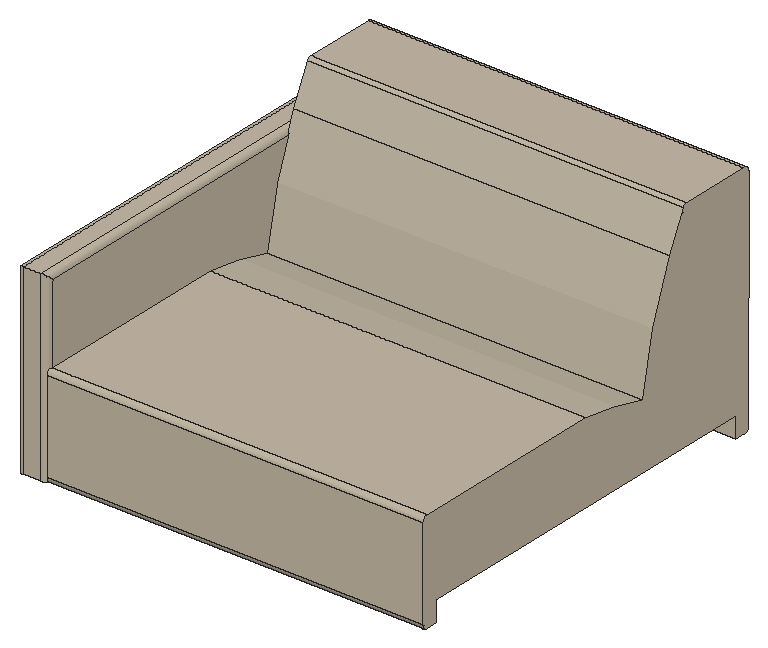
Revit family "FU_Modular_Sandler_Escala_ESC0265TA", category Furniture, Revit 2020
Family settings
  OmniClass Number = 23.40.20.00
  OmniClass Title = General Furniture and Specialties
  Work Plane-Based = No
  Always vertical = Yes
  Cut with Voids When Loaded = No
  Shared = No
  Room Calculation Point = No
Parameters (values of type "Escalas 0265TA")
  Width = 800 mm  # constant formula
  Upholstery [instance] = Fabric - Mainline Flax - Upminster MLF20
  URL = "https://www.sandlerseating.com/product/esc0265ta/"
  Seat Height = 420 mm  # constant formula
  Seat Elevation = 220 mm  # constant formula
  Model = "Escalas 0265TA"
  Manufacturer = "Sandler"
  Height = 690 mm  # constant formula
  Description = "Upholstered right 80 cm seat with backrest and low arm.\r\n\r\n47cm x 80cm x 80cm (measurement without base)"
  Depth = 800 mm  # constant formula
  Default Elevation = 0 mm
Reference planes
  plane 1 "Center (Front/Back)": y = 0
  plane 2: z = 0
  plane 3 "Center (Left/Right)": x = 0
  plane 4 "Right": x = -400
  plane 5 "Left": x = 400
  plane 6 "Front": y = -400
  plane 7 "Back": y = 400
  plane 8 "Elevation": z = 220
  plane 9 "Height": z = 690
  plane 10 "Seat height": z = 420
  plane 11: x = -340
  plane 12: x = 340
  plane 13 "Arm Height": z = 586
Forms (mm)
  Sweep 1, solid, material "Fabric - Mainline Flax - Upminster MLF20" <- "Upholstery"
    path origin (0, 0, 220) x (-1, 0, 0) y (0, -1, 0)
      loop
        line (340, -400) -> (-400, -400)
    profile "Pro_Escalas_Seat_Shape : Pro_Escalas_Seat_Shape" origin (30, 400, 220) x (0, 1, 0) y (0, 0, 1)
      loop
        line (-790, 0) -> (-10, 0)
        arc (-10, 0) -> (-2.929, 2.929) -> (0, 10) r 10
        line (0, 10) -> (0, 460)
        arc (0, 460) -> (-2.929, 467.071) -> (-10, 470) r 10
        line (-10, 470) -> (-150.689, 470)
        arc (-150.689, 470) -> (-156.062, 468.434) -> (-159.752, 464.226) r 10
        line (-159.752, 464.226) -> (-192.518, 393.96)
        arc (-192.518, 393.96) -> (-234.317, 284.408) -> (-260, 170) r 816.842
        arc (-260, 170) -> (-329.19, 188.78) -> (-400, 200) r 664.836
        line (-400, 200) -> (-790, 200)
        arc (-790, 200) -> (-797.071, 197.071) -> (-800, 190) r 10
        line (-800, 190) -> (-800, 10)
        arc (-800, 10) -> (-797.071, 2.929) -> (-790, 0) r 10
  Extrusion 2, void
    sketch origin (0, 0, 0) x (0, 1, 0) y (0, 0, 1)
      loop
        line (-370, 220) -> (370, 220) -> (370, 261) -> (-370, 261) -> (-370, 220)
    from -340 to 405
  Extrusion 3, solid, material "Fabric - Mainline Flax - Upminster MLF20" <- "Upholstery"
    sketch origin (-400, 0, 0) x (0, 1, 0) y (0, 0, 1)
      loop
        line (-380, 220) -> (380, 220) -> (380, 566) -> (-380, 566) -> (-380, 220)
    from 0 to 60
  Sweep 4, solid, material "Fabric - Mainline Flax - Upminster MLF20" <- "Upholstery"
    path in 3D
      loop
        line (-400, -380, 220) -> (-400, -380, 566) -> (-400, 380, 566) -> (-400, 380, 220)
    profile "pro_Escalas_Arm edge : pro_Escalas_Arm edge" origin (-400, 380, 393) x (0, -1, 0) y (-1, 0, 0)
      loop
        line (0, 0) -> (-7.5, 0)
        arc (-7.5, 0) -> (-16.339, -3.661) -> (-20, -12.5) r 12.5
        line (-20, -12.5) -> (-20, -47.5)
        arc (-20, -47.5) -> (-16.339, -56.339) -> (-7.5, -60) r 12.5
        line (-7.5, -60) -> (0, -60) -> (0, 0)
Cuts and joins
  Extrusion 2 cuts Sweep 1
  joined: Extrusion 3, Sweep 4
Lines and regions (mm)
  sketch lines
    curve 1: line (-400, 380, 566) -> (-400, 380, 220)
    curve 2: line (-400, -380, 566) -> (-400, 380, 566)
    curve 3: line (-400, -380, 220) -> (-400, -380, 566)
Dimensions and locks
  equal spacing: plane 4 "Right", plane 3 "Center (Left/Right)", plane 5 "Left"
  "Width": plane 4 "Right" to plane 5 "Left"
  equal spacing: plane 7 "Back", plane 1 "Center (Front/Back)", plane 6 "Front"
  "Depth": plane 7 "Back" to plane 6 "Front"
  "Height": plane 9 "Height" to level
  "Seat Height": plane 10 "Seat height" to level
  "Seat Elevation": plane 8 "Elevation" to level
  equal spacing: plane 11, plane 3 "Center (Left/Right)", plane 12
  plane 11 to plane 12 = 680 mm
  plane 13 "Arm Height" to plane 8 "Elevation" = 366 mm
  aligned and locked: level to plane 2
Automatic sketch dimensions
  Extrusion 2 sketch curve to plane 8 "Elevation" = 0 mm
  plane 6 "Front" to Extrusion 2 sketch curve = 30 mm
  Extrusion 2 sketch curve to plane 7 "Back" = 30 mm
  plane 8 "Elevation" to Extrusion 2 sketch curve = 41 mm
  Sweep 1 sketch curve to plane 5 "Left" = 0 mm
  Sweep 1 sketch curve to plane 7 "Back" = 0 mm
  Sweep 1 sketch curve to plane 11 = 0 mm
  plane 6 "Front" to Extrusion 3 sketch curve = 20 mm
  Extrusion 3 sketch curve to plane 7 "Back" = 20 mm
  Extrusion 3 sketch curve to plane 8 "Elevation" = 0 mm
  Extrusion 3 sketch curve to plane 13 "Arm Height" = 20 mm
